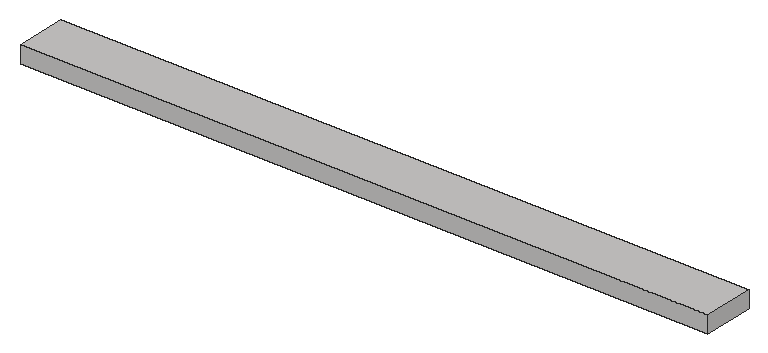
Revit family "NLRS_28_SFR_RECT", category Structural Framing, Revit 2020
Family settings
  Section Shape = Not Defined
  Material for Model Behavior = Steel
  Always export as geometry = No
  Always vertical = Yes
  Cut with Voids When Loaded = No
  Symbolic Representation = From Project Settings
  Shared = No
  Show family pre-cut in plan views = Yes
Parameters (values of type "S90/30")
  vz = 0.5 * d  # 15 mm
  vy = 0.5 * bf  # 45 mm
  vpz = vz  # 15 mm
  vpy = vy  # 45 mm
  lengte [instance] = 1219.2 mm
  W = 21.20 kg/m
  Structural Material [instance] = none
  REX.Content.Identity = "qgF2ZXI9MjtzaWduYXR1cmU9MjtsYW5nPWVuLVVTO2RiPXRzbmxwcm87bmFtZTI9U1RSSVA5MCozMDtuYW1lMT1SRUNUO05BTUUxPVNUUklQOTAqMzA7ZGltMT05MDtkaW0yPTA7ZGltMz0zMDtjb2RlPTQzO05hbWVzPVN5c3RlbS5Db2xsZWN0aW9ucy5HZW5lcmljLkxpc3RgMVtTeXN0ZW0uU3RyaW5nXQ=="
  Iz = 182.25 cm4
  Iy = 20.25 cm4
  Ix = 64.15 cm4
  Assembly Code = "2B(28.1)"
  Length [instance] = 1500 mm
  bf = 90 mm
  d = 30 mm
  A = d * bf  # 27.0 cm²
Reference planes
  plane 1 "Center (Front/Back)": y = 0
  plane 2: z = 0
  plane 3 "Center (Left/Right)": x = 4.61
  plane 4 "Member Left": x = -604.99
  plane 5 "Member Right": x = 614.21
  plane 6: y = 45
  plane 7: y = -45
  plane 8 "Top": z = 15
  plane 9: z = -15
  plane 10 "Right": x = 766.61
  plane 11 "Left": x = -733.39
Forms (mm)
  Sweep 1, solid, material <- "Structural Material", detail levels fine
    path origin (0, 27.5, 0) x (1, 0, 0) y (0, 1, 0)
      loop
        line (614.21, -27.5) -> (-604.99, -27.5)
    profile "RECS-Profile-Medium : RECS-Profile-Medium" origin (4.61, 0, 0) x (0, -1, 0) y (0, 0, 1)
      loop
        line (-45, 15) -> (-45, -15) -> (45, -15) -> (45, 15) -> (-45, 15)
  Sweep 2, solid, material <- "Structural Material", detail levels medium+fine
    path origin (0, 27.5, 0) x (1, 0, 0) y (0, 1, 0)
      loop
        line (614.21, -27.5) -> (-604.99, -27.5)
    profile "RECS-Profile-Medium : RECS-Profile-Medium" origin (4.61, 0, 0) x (0, -1, 0) y (0, 0, 1)
      loop
        line (-45, 15) -> (-45, -15) -> (45, -15) -> (45, 15) -> (-45, 15)
Lines and regions (mm)
  symbolic lines, style "Hidden Faces", detail levels medium+fine
    curve 1: line (614.21, -45, 0) -> (-604.99, -45, 0)
    curve 2: line (614.21, 45, 0) -> (-604.99, 45, 0)
  symbolic lines, style "Stick Symbols", detail levels coarse
    curve 3: line (4.61, -45, -15) -> (4.61, -45, 15)
    curve 4: line (4.61, -45, 15) -> (4.61, 45, 15)
    curve 5: line (4.61, 45, 15) -> (4.61, 45, -15)
    curve 6: line (4.61, 45, -15) -> (4.61, -45, -15)
Dimensions and locks
  "bf": plane 6 to plane 7
  "d": plane 9 to plane 8 "Top"
  "Length": plane 11 "Left" to plane 10 "Right"
  "vy": plane 1 "Center (Front/Back)" to plane 7
  "vz": plane 8 "Top" to plane 2
  "lengte": plane 4 "Member Left" to plane 5 "Member Right"
  aligned and locked: Sweep 1 sketch curve to plane 1 "Center (Front/Back)"
  aligned and locked: Sweep 2 sketch curve to plane 1 "Center (Front/Back)"
  aligned and locked: plane 2 to level
  aligned and locked: curve 4 to plane 8 "Top"
  aligned and locked: plane 6 to curve 5
  aligned and locked: plane 9 to curve 6
  aligned and locked: curve 2 to Sweep 2
  aligned and locked: curve 1 to Sweep 2
  aligned and locked: plane 4 "Member Left" to Sweep 1 sketch curve
  aligned and locked: plane 5 "Member Right" to Sweep 1 sketch curve
  aligned and locked: plane 4 "Member Left" to Sweep 2 sketch curve
  aligned and locked: plane 5 "Member Right" to Sweep 2 sketch curve
  aligned and locked: plane 4 "Member Left" to curve 1
  aligned and locked: plane 5 "Member Right" to curve 1
  aligned and locked: plane 4 "Member Left" to curve 2
  aligned and locked: plane 5 "Member Right" to curve 2
Automatic sketch dimensions
  curve 6 to plane 7 = 0 mm
  plane 8 "Top" to curve 5 = 0 mm
Types (94, lengths in mm): name | vz | vy | vpz | vpy | W | REX.Content.Identity | Iz | Iy | Ix | bf | d | A
  S90/30 | 15 | 45 | 15 | 45 | 21.20 kg/m | "qgF2ZXI9MjtzaWduYXR1cmU9MjtsYW5nPWVuLVVTO2RiPXRzbmxwcm87bmFtZTI9U1RSSVA5MCozMDtuYW1lMT1SRUNUO05BTUUxPVNUUklQOTAqMzA7ZGltMT05MDtkaW0yPTA7ZGltMz0zMDtjb2RlPTQzO05hbWVzPVN5c3RlbS5Db2xsZWN0aW9ucy5HZW5lcmljLkxpc3RgMVtTeXN0ZW0uU3RyaW5nXQ==" | 182.25 cm4 | 20.25 cm4 | 64.15 cm4 | 90 | 30 | 27.0 cm²
  S90/25 | 12.5 | 45 | 12.5 | 45 | 17.66 kg/m | "qgF2ZXI9MjtzaWduYXR1cmU9MjtsYW5nPWVuLVVTO2RiPXRzbmxwcm87bmFtZTI9U1RSSVA5MCoyNTtuYW1lMT1SRUNUO05BTUUxPVNUUklQOTAqMjU7ZGltMT05MDtkaW0yPTA7ZGltMz0yNTtjb2RlPTQzO05hbWVzPVN5c3RlbS5Db2xsZWN0aW9ucy5HZW5lcmljLkxpc3RgMVtTeXN0ZW0uU3RyaW5nXQ==" | 151.88 cm4 | 11.72 cm4 | 38.72 cm4 | 90 | 25 | 22.5 cm²
  S90/20 | 10 | 45 | 10 | 45 | 14.13 kg/m | "qgF2ZXI9MjtzaWduYXR1cmU9MjtsYW5nPWVuLVVTO2RiPXRzbmxwcm87bmFtZTI9U1RSSVA5MCoyMDtuYW1lMT1SRUNUO05BTUUxPVNUUklQOTAqMjA7ZGltMT05MDtkaW0yPTA7ZGltMz0yMDtjb2RlPTQzO05hbWVzPVN5c3RlbS5Db2xsZWN0aW9ucy5HZW5lcmljLkxpc3RgMVtTeXN0ZW0uU3RyaW5nXQ==" | 121.50 cm4 | 6.00 cm4 | 20.65 cm4 | 90 | 20 | 18.0 cm²
  S90/15 | 7.5 | 45 | 7.5 | 45 | 10.60 kg/m | "qgF2ZXI9MjtzaWduYXR1cmU9MjtsYW5nPWVuLVVTO2RiPXRzbmxwcm87bmFtZTI9U1RSSVA5MCoxNTtuYW1lMT1SRUNUO05BTUUxPVNUUklQOTAqMTU7ZGltMT05MDtkaW0yPTA7ZGltMz0xNTtjb2RlPTQzO05hbWVzPVN5c3RlbS5Db2xsZWN0aW9ucy5HZW5lcmljLkxpc3RgMVtTeXN0ZW0uU3RyaW5nXQ==" | 91.13 cm4 | 2.53 cm4 | 9.06 cm4 | 90 | 15 | 13.5 cm²
  S90/12 | 6 | 45 | 6 | 45 | 8.48 kg/m | "qgF2ZXI9MjtzaWduYXR1cmU9MjtsYW5nPWVuLVVTO2RiPXRzbmxwcm87bmFtZTI9U1RSSVA5MCoxMjtuYW1lMT1SRUNUO05BTUUxPVNUUklQOTAqMTI7ZGltMT05MDtkaW0yPTA7ZGltMz0xMjtjb2RlPTQzO05hbWVzPVN5c3RlbS5Db2xsZWN0aW9ucy5HZW5lcmljLkxpc3RgMVtTeXN0ZW0uU3RyaW5nXQ==" | 72.90 cm4 | 1.30 cm4 | 4.75 cm4 | 90 | 12 | 10.8 cm²
  S90/10 | 5 | 45 | 5 | 45 | 7.07 kg/m | "qgF2ZXI9MjtzaWduYXR1cmU9MjtsYW5nPWVuLVVTO2RiPXRzbmxwcm87bmFtZTI9U1RSSVA5MCoxMDtuYW1lMT1SRUNUO05BTUUxPVNUUklQOTAqMTA7ZGltMT05MDtkaW0yPTA7ZGltMz0xMDtjb2RlPTQzO05hbWVzPVN5c3RlbS5Db2xsZWN0aW9ucy5HZW5lcmljLkxpc3RgMVtTeXN0ZW0uU3RyaW5nXQ==" | 60.75 cm4 | 0.75 cm4 | 2.79 cm4 | 90 | 10 | 9.0 cm²
  S80/8 | 4 | 40 | 4 | 40 | 5.02 kg/m | "pwF2ZXI9MjtzaWduYXR1cmU9MjtsYW5nPWVuLVVTO2RiPXRzbmxwcm87bmFtZTI9U1RSSVA4MCo4O25hbWUxPVJFQ1Q7TkFNRTE9U1RSSVA4MCo4O2RpbTE9ODA7ZGltMj0wO2RpbTM9ODtjb2RlPTQzO05hbWVzPVN5c3RlbS5Db2xsZWN0aW9ucy5HZW5lcmljLkxpc3RgMVtTeXN0ZW0uU3RyaW5nXQ==" | 34.13 cm4 | 0.34 cm4 | 1.28 cm4 | 80 | 8 | 6.4 cm²
  S80/25 | 12.5 | 40 | 12.5 | 40 | 15.70 kg/m | "qgF2ZXI9MjtzaWduYXR1cmU9MjtsYW5nPWVuLVVTO2RiPXRzbmxwcm87bmFtZTI9U1RSSVA4MCoyNTtuYW1lMT1SRUNUO05BTUUxPVNUUklQODAqMjU7ZGltMT04MDtkaW0yPTA7ZGltMz0yNTtjb2RlPTQzO05hbWVzPVN5c3RlbS5Db2xsZWN0aW9ucy5HZW5lcmljLkxpc3RgMVtTeXN0ZW0uU3RyaW5nXQ==" | 106.67 cm4 | 10.42 cm4 | 33.53 cm4 | 80 | 25 | 20.0 cm²
  S80/20 | 10 | 40 | 10 | 40 | 12.56 kg/m | "qgF2ZXI9MjtzaWduYXR1cmU9MjtsYW5nPWVuLVVTO2RiPXRzbmxwcm87bmFtZTI9U1RSSVA4MCoyMDtuYW1lMT1SRUNUO05BTUUxPVNUUklQODAqMjA7ZGltMT04MDtkaW0yPTA7ZGltMz0yMDtjb2RlPTQzO05hbWVzPVN5c3RlbS5Db2xsZWN0aW9ucy5HZW5lcmljLkxpc3RgMVtTeXN0ZW0uU3RyaW5nXQ==" | 85.33 cm4 | 5.33 cm4 | 17.99 cm4 | 80 | 20 | 16.0 cm²
  S80/15 | 7.5 | 40 | 7.5 | 40 | 9.42 kg/m | "qgF2ZXI9MjtzaWduYXR1cmU9MjtsYW5nPWVuLVVTO2RiPXRzbmxwcm87bmFtZTI9U1RSSVA4MCoxNTtuYW1lMT1SRUNUO05BTUUxPVNUUklQODAqMTU7ZGltMT04MDtkaW0yPTA7ZGltMz0xNTtjb2RlPTQzO05hbWVzPVN5c3RlbS5Db2xsZWN0aW9ucy5HZW5lcmljLkxpc3RgMVtTeXN0ZW0uU3RyaW5nXQ==" | 64.00 cm4 | 2.25 cm4 | 7.94 cm4 | 80 | 15 | 12.0 cm²
  S80/12 | 6 | 40 | 6 | 40 | 7.54 kg/m | "qgF2ZXI9MjtzaWduYXR1cmU9MjtsYW5nPWVuLVVTO2RiPXRzbmxwcm87bmFtZTI9U1RSSVA4MCoxMjtuYW1lMT1SRUNUO05BTUUxPVNUUklQODAqMTI7ZGltMT04MDtkaW0yPTA7ZGltMz0xMjtjb2RlPTQzO05hbWVzPVN5c3RlbS5Db2xsZWN0aW9ucy5HZW5lcmljLkxpc3RgMVtTeXN0ZW0uU3RyaW5nXQ==" | 51.20 cm4 | 1.15 cm4 | 4.17 cm4 | 80 | 12 | 9.6 cm²
  S80/10 | 5 | 40 | 5 | 40 | 6.28 kg/m | "qgF2ZXI9MjtzaWduYXR1cmU9MjtsYW5nPWVuLVVTO2RiPXRzbmxwcm87bmFtZTI9U1RSSVA4MCoxMDtuYW1lMT1SRUNUO05BTUUxPVNUUklQODAqMTA7ZGltMT04MDtkaW0yPTA7ZGltMz0xMDtjb2RlPTQzO05hbWVzPVN5c3RlbS5Db2xsZWN0aW9ucy5HZW5lcmljLkxpc3RgMVtTeXN0ZW0uU3RyaW5nXQ==" | 42.67 cm4 | 0.67 cm4 | 2.46 cm4 | 80 | 10 | 8.0 cm²
  S75/8 | 4 | 37.5 | 4 | 37.5 | 4.71 kg/m | "pwF2ZXI9MjtzaWduYXR1cmU9MjtsYW5nPWVuLVVTO2RiPXRzbmxwcm87bmFtZTI9U1RSSVA3NSo4O25hbWUxPVJFQ1Q7TkFNRTE9U1RSSVA3NSo4O2RpbTE9NzU7ZGltMj0wO2RpbTM9ODtjb2RlPTQzO05hbWVzPVN5c3RlbS5Db2xsZWN0aW9ucy5HZW5lcmljLkxpc3RgMVtTeXN0ZW0uU3RyaW5nXQ==" | 28.13 cm4 | 0.32 cm4 | 1.19 cm4 | 75 | 8 | 6.0 cm²
  S75/25 | 12.5 | 37.5 | 12.5 | 37.5 | 14.72 kg/m | "qgF2ZXI9MjtzaWduYXR1cmU9MjtsYW5nPWVuLVVTO2RiPXRzbmxwcm87bmFtZTI9U1RSSVA3NSoyNTtuYW1lMT1SRUNUO05BTUUxPVNUUklQNzUqMjU7ZGltMT03NTtkaW0yPTA7ZGltMz0yNTtjb2RlPTQzO05hbWVzPVN5c3RlbS5Db2xsZWN0aW9ucy5HZW5lcmljLkxpc3RgMVtTeXN0ZW0uU3RyaW5nXQ==" | 87.89 cm4 | 9.77 cm4 | 30.94 cm4 | 75 | 25 | 18.75 cm²
  S75/20 | 10 | 37.5 | 10 | 37.5 | 11.78 kg/m | "qgF2ZXI9MjtzaWduYXR1cmU9MjtsYW5nPWVuLVVTO2RiPXRzbmxwcm87bmFtZTI9U1RSSVA3NSoyMDtuYW1lMT1SRUNUO05BTUUxPVNUUklQNzUqMjA7ZGltMT03NTtkaW0yPTA7ZGltMz0yMDtjb2RlPTQzO05hbWVzPVN5c3RlbS5Db2xsZWN0aW9ucy5HZW5lcmljLkxpc3RgMVtTeXN0ZW0uU3RyaW5nXQ==" | 70.31 cm4 | 5.00 cm4 | 16.66 cm4 | 75 | 20 | 15.0 cm²
  S75/15 | 7.5 | 37.5 | 7.5 | 37.5 | 8.83 kg/m | "qgF2ZXI9MjtzaWduYXR1cmU9MjtsYW5nPWVuLVVTO2RiPXRzbmxwcm87bmFtZTI9U1RSSVA3NSoxNTtuYW1lMT1SRUNUO05BTUUxPVNUUklQNzUqMTU7ZGltMT03NTtkaW0yPTA7ZGltMz0xNTtjb2RlPTQzO05hbWVzPVN5c3RlbS5Db2xsZWN0aW9ucy5HZW5lcmljLkxpc3RgMVtTeXN0ZW0uU3RyaW5nXQ==" | 52.73 cm4 | 2.11 cm4 | 7.38 cm4 | 75 | 15 | 11.25 cm²
  S75/12 | 6 | 37.5 | 6 | 37.5 | 7.07 kg/m | "qgF2ZXI9MjtzaWduYXR1cmU9MjtsYW5nPWVuLVVTO2RiPXRzbmxwcm87bmFtZTI9U1RSSVA3NSoxMjtuYW1lMT1SRUNUO05BTUUxPVNUUklQNzUqMTI7ZGltMT03NTtkaW0yPTA7ZGltMz0xMjtjb2RlPTQzO05hbWVzPVN5c3RlbS5Db2xsZWN0aW9ucy5HZW5lcmljLkxpc3RgMVtTeXN0ZW0uU3RyaW5nXQ==" | 42.19 cm4 | 1.08 cm4 | 3.89 cm4 | 75 | 12 | 9.0 cm²
  S75/10 | 5 | 37.5 | 5 | 37.5 | 5.89 kg/m | "qgF2ZXI9MjtzaWduYXR1cmU9MjtsYW5nPWVuLVVTO2RiPXRzbmxwcm87bmFtZTI9U1RSSVA3NSoxMDtuYW1lMT1SRUNUO05BTUUxPVNUUklQNzUqMTA7ZGltMT03NTtkaW0yPTA7ZGltMz0xMDtjb2RlPTQzO05hbWVzPVN5c3RlbS5Db2xsZWN0aW9ucy5HZW5lcmljLkxpc3RgMVtTeXN0ZW0uU3RyaW5nXQ==" | 35.16 cm4 | 0.63 cm4 | 2.29 cm4 | 75 | 10 | 7.5 cm²
  S70/8 | 4 | 35 | 4 | 35 | 4.40 kg/m | "pwF2ZXI9MjtzaWduYXR1cmU9MjtsYW5nPWVuLVVTO2RiPXRzbmxwcm87bmFtZTI9U1RSSVA3MCo4O25hbWUxPVJFQ1Q7TkFNRTE9U1RSSVA3MCo4O2RpbTE9NzA7ZGltMj0wO2RpbTM9ODtjb2RlPTQzO05hbWVzPVN5c3RlbS5Db2xsZWN0aW9ucy5HZW5lcmljLkxpc3RgMVtTeXN0ZW0uU3RyaW5nXQ==" | 22.87 cm4 | 0.30 cm4 | 1.11 cm4 | 70 | 8 | 5.6 cm²
  S70/20 | 10 | 35 | 10 | 35 | 10.99 kg/m | "qgF2ZXI9MjtzaWduYXR1cmU9MjtsYW5nPWVuLVVTO2RiPXRzbmxwcm87bmFtZTI9U1RSSVA3MCoyMDtuYW1lMT1SRUNUO05BTUUxPVNUUklQNzAqMjA7ZGltMT03MDtkaW0yPTA7ZGltMz0yMDtjb2RlPTQzO05hbWVzPVN5c3RlbS5Db2xsZWN0aW9ucy5HZW5lcmljLkxpc3RgMVtTeXN0ZW0uU3RyaW5nXQ==" | 57.17 cm4 | 4.67 cm4 | 15.33 cm4 | 70 | 20 | 14.0 cm²
  S70/15 | 7.5 | 35 | 7.5 | 35 | 8.24 kg/m | "qgF2ZXI9MjtzaWduYXR1cmU9MjtsYW5nPWVuLVVTO2RiPXRzbmxwcm87bmFtZTI9U1RSSVA3MCoxNTtuYW1lMT1SRUNUO05BTUUxPVNUUklQNzAqMTU7ZGltMT03MDtkaW0yPTA7ZGltMz0xNTtjb2RlPTQzO05hbWVzPVN5c3RlbS5Db2xsZWN0aW9ucy5HZW5lcmljLkxpc3RgMVtTeXN0ZW0uU3RyaW5nXQ==" | 42.88 cm4 | 1.97 cm4 | 6.82 cm4 | 70 | 15 | 10.5 cm²
  S70/12 | 6 | 35 | 6 | 35 | 6.59 kg/m | "qgF2ZXI9MjtzaWduYXR1cmU9MjtsYW5nPWVuLVVTO2RiPXRzbmxwcm87bmFtZTI9U1RSSVA3MCoxMjtuYW1lMT1SRUNUO05BTUUxPVNUUklQNzAqMTI7ZGltMT03MDtkaW0yPTA7ZGltMz0xMjtjb2RlPTQzO05hbWVzPVN5c3RlbS5Db2xsZWN0aW9ucy5HZW5lcmljLkxpc3RgMVtTeXN0ZW0uU3RyaW5nXQ==" | 34.30 cm4 | 1.01 cm4 | 3.60 cm4 | 70 | 12 | 8.4 cm²
  S70/10 | 5 | 35 | 5 | 35 | 5.50 kg/m | "qgF2ZXI9MjtzaWduYXR1cmU9MjtsYW5nPWVuLVVTO2RiPXRzbmxwcm87bmFtZTI9U1RSSVA3MCoxMDtuYW1lMT1SRUNUO05BTUUxPVNUUklQNzAqMTA7ZGltMT03MDtkaW0yPTA7ZGltMz0xMDtjb2RlPTQzO05hbWVzPVN5c3RlbS5Db2xsZWN0aW9ucy5HZW5lcmljLkxpc3RgMVtTeXN0ZW0uU3RyaW5nXQ==" | 28.58 cm4 | 0.58 cm4 | 2.12 cm4 | 70 | 10 | 7.0 cm²
  S65/8 | 4 | 32.5 | 4 | 32.5 | 4.08 kg/m | "pwF2ZXI9MjtzaWduYXR1cmU9MjtsYW5nPWVuLVVTO2RiPXRzbmxwcm87bmFtZTI9U1RSSVA2NSo4O25hbWUxPVJFQ1Q7TkFNRTE9U1RSSVA2NSo4O2RpbTE9NjU7ZGltMj0wO2RpbTM9ODtjb2RlPTQzO05hbWVzPVN5c3RlbS5Db2xsZWN0aW9ucy5HZW5lcmljLkxpc3RgMVtTeXN0ZW0uU3RyaW5nXQ==" | 18.31 cm4 | 0.28 cm4 | 1.02 cm4 | 65 | 8 | 5.2 cm²
  S65/20 | 10 | 32.5 | 10 | 32.5 | 10.21 kg/m | "qgF2ZXI9MjtzaWduYXR1cmU9MjtsYW5nPWVuLVVTO2RiPXRzbmxwcm87bmFtZTI9U1RSSVA2NSoyMDtuYW1lMT1SRUNUO05BTUUxPVNUUklQNjUqMjA7ZGltMT02NTtkaW0yPTA7ZGltMz0yMDtjb2RlPTQzO05hbWVzPVN5c3RlbS5Db2xsZWN0aW9ucy5HZW5lcmljLkxpc3RgMVtTeXN0ZW0uU3RyaW5nXQ==" | 45.77 cm4 | 4.33 cm4 | 14.00 cm4 | 65 | 20 | 13.0 cm²
  S65/15 | 7.5 | 32.5 | 7.5 | 32.5 | 7.65 kg/m | "qgF2ZXI9MjtzaWduYXR1cmU9MjtsYW5nPWVuLVVTO2RiPXRzbmxwcm87bmFtZTI9U1RSSVA2NSoxNTtuYW1lMT1SRUNUO05BTUUxPVNUUklQNjUqMTU7ZGltMT02NTtkaW0yPTA7ZGltMz0xNTtjb2RlPTQzO05hbWVzPVN5c3RlbS5Db2xsZWN0aW9ucy5HZW5lcmljLkxpc3RgMVtTeXN0ZW0uU3RyaW5nXQ==" | 34.33 cm4 | 1.83 cm4 | 6.25 cm4 | 65 | 15 | 9.75 cm²
  S65/12 | 6 | 32.5 | 6 | 32.5 | 6.12 kg/m | "qgF2ZXI9MjtzaWduYXR1cmU9MjtsYW5nPWVuLVVTO2RiPXRzbmxwcm87bmFtZTI9U1RSSVA2NSoxMjtuYW1lMT1SRUNUO05BTUUxPVNUUklQNjUqMTI7ZGltMT02NTtkaW0yPTA7ZGltMz0xMjtjb2RlPTQzO05hbWVzPVN5c3RlbS5Db2xsZWN0aW9ucy5HZW5lcmljLkxpc3RgMVtTeXN0ZW0uU3RyaW5nXQ==" | 27.46 cm4 | 0.94 cm4 | 3.31 cm4 | 65 | 12 | 7.8 cm²
  S65/10 | 5 | 32.5 | 5 | 32.5 | 5.10 kg/m | "qgF2ZXI9MjtzaWduYXR1cmU9MjtsYW5nPWVuLVVTO2RiPXRzbmxwcm87bmFtZTI9U1RSSVA2NSoxMDtuYW1lMT1SRUNUO05BTUUxPVNUUklQNjUqMTA7ZGltMT02NTtkaW0yPTA7ZGltMz0xMDtjb2RlPTQzO05hbWVzPVN5c3RlbS5Db2xsZWN0aW9ucy5HZW5lcmljLkxpc3RgMVtTeXN0ZW0uU3RyaW5nXQ==" | 22.89 cm4 | 0.54 cm4 | 1.96 cm4 | 65 | 10 | 6.5 cm²
  S60/8 | 4 | 30 | 4 | 30 | 3.77 kg/m | "pwF2ZXI9MjtzaWduYXR1cmU9MjtsYW5nPWVuLVVTO2RiPXRzbmxwcm87bmFtZTI9U1RSSVA2MCo4O25hbWUxPVJFQ1Q7TkFNRTE9U1RSSVA2MCo4O2RpbTE9NjA7ZGltMj0wO2RpbTM9ODtjb2RlPTQzO05hbWVzPVN5c3RlbS5Db2xsZWN0aW9ucy5HZW5lcmljLkxpc3RgMVtTeXN0ZW0uU3RyaW5nXQ==" | 14.40 cm4 | 0.26 cm4 | 0.94 cm4 | 60 | 8 | 4.8 cm²
  S60/6 | 3 | 30 | 3 | 30 | 2.83 kg/m | "pwF2ZXI9MjtzaWduYXR1cmU9MjtsYW5nPWVuLVVTO2RiPXRzbmxwcm87bmFtZTI9U1RSSVA2MCo2O25hbWUxPVJFQ1Q7TkFNRTE9U1RSSVA2MCo2O2RpbTE9NjA7ZGltMj0wO2RpbTM9Njtjb2RlPTQzO05hbWVzPVN5c3RlbS5Db2xsZWN0aW9ucy5HZW5lcmljLkxpc3RgMVtTeXN0ZW0uU3RyaW5nXQ==" | 10.80 cm4 | 0.11 cm4 | 0.40 cm4 | 60 | 6 | 3.6 cm²
  S60/20 | 10 | 30 | 10 | 30 | 9.42 kg/m | "qgF2ZXI9MjtzaWduYXR1cmU9MjtsYW5nPWVuLVVTO2RiPXRzbmxwcm87bmFtZTI9U1RSSVA2MCoyMDtuYW1lMT1SRUNUO05BTUUxPVNUUklQNjAqMjA7ZGltMT02MDtkaW0yPTA7ZGltMz0yMDtjb2RlPTQzO05hbWVzPVN5c3RlbS5Db2xsZWN0aW9ucy5HZW5lcmljLkxpc3RgMVtTeXN0ZW0uU3RyaW5nXQ==" | 36.00 cm4 | 4.00 cm4 | 12.67 cm4 | 60 | 20 | 12.0 cm²
  S60/15 | 7.5 | 30 | 7.5 | 30 | 7.07 kg/m | "qgF2ZXI9MjtzaWduYXR1cmU9MjtsYW5nPWVuLVVTO2RiPXRzbmxwcm87bmFtZTI9U1RSSVA2MCoxNTtuYW1lMT1SRUNUO05BTUUxPVNUUklQNjAqMTU7ZGltMT02MDtkaW0yPTA7ZGltMz0xNTtjb2RlPTQzO05hbWVzPVN5c3RlbS5Db2xsZWN0aW9ucy5HZW5lcmljLkxpc3RgMVtTeXN0ZW0uU3RyaW5nXQ==" | 27.00 cm4 | 1.69 cm4 | 5.69 cm4 | 60 | 15 | 9.0 cm²
  S60/12 | 6 | 30 | 6 | 30 | 5.65 kg/m | "qgF2ZXI9MjtzaWduYXR1cmU9MjtsYW5nPWVuLVVTO2RiPXRzbmxwcm87bmFtZTI9U1RSSVA2MCoxMjtuYW1lMT1SRUNUO05BTUUxPVNUUklQNjAqMTI7ZGltMT02MDtkaW0yPTA7ZGltMz0xMjtjb2RlPTQzO05hbWVzPVN5c3RlbS5Db2xsZWN0aW9ucy5HZW5lcmljLkxpc3RgMVtTeXN0ZW0uU3RyaW5nXQ==" | 21.60 cm4 | 0.86 cm4 | 3.02 cm4 | 60 | 12 | 7.2 cm²
  S60/10 | 5 | 30 | 5 | 30 | 4.71 kg/m | "qgF2ZXI9MjtzaWduYXR1cmU9MjtsYW5nPWVuLVVTO2RiPXRzbmxwcm87bmFtZTI9U1RSSVA2MCoxMDtuYW1lMT1SRUNUO05BTUUxPVNUUklQNjAqMTA7ZGltMT02MDtkaW0yPTA7ZGltMz0xMDtjb2RlPTQzO05hbWVzPVN5c3RlbS5Db2xsZWN0aW9ucy5HZW5lcmljLkxpc3RgMVtTeXN0ZW0uU3RyaW5nXQ==" | 18.00 cm4 | 0.50 cm4 | 1.79 cm4 | 60 | 10 | 6.0 cm²
  S55/8 | 4 | 27.5 | 4 | 27.5 | 3.45 kg/m | "pwF2ZXI9MjtzaWduYXR1cmU9MjtsYW5nPWVuLVVTO2RiPXRzbmxwcm87bmFtZTI9U1RSSVA1NSo4O25hbWUxPVJFQ1Q7TkFNRTE9U1RSSVA1NSo4O2RpbTE9NTU7ZGltMj0wO2RpbTM9ODtjb2RlPTQzO05hbWVzPVN5c3RlbS5Db2xsZWN0aW9ucy5HZW5lcmljLkxpc3RgMVtTeXN0ZW0uU3RyaW5nXQ==" | 11.09 cm4 | 0.23 cm4 | 0.85 cm4 | 55 | 8 | 4.4 cm²
  S55/6 | 3 | 27.5 | 3 | 27.5 | 2.59 kg/m | "pwF2ZXI9MjtzaWduYXR1cmU9MjtsYW5nPWVuLVVTO2RiPXRzbmxwcm87bmFtZTI9U1RSSVA1NSo2O25hbWUxPVJFQ1Q7TkFNRTE9U1RSSVA1NSo2O2RpbTE9NTU7ZGltMj0wO2RpbTM9Njtjb2RlPTQzO05hbWVzPVN5c3RlbS5Db2xsZWN0aW9ucy5HZW5lcmljLkxpc3RgMVtTeXN0ZW0uU3RyaW5nXQ==" | 8.32 cm4 | 0.10 cm4 | 0.37 cm4 | 55 | 6 | 3.3 cm²
  S55/15 | 7.5 | 27.5 | 7.5 | 27.5 | 6.48 kg/m | "qgF2ZXI9MjtzaWduYXR1cmU9MjtsYW5nPWVuLVVTO2RiPXRzbmxwcm87bmFtZTI9U1RSSVA1NSoxNTtuYW1lMT1SRUNUO05BTUUxPVNUUklQNTUqMTU7ZGltMT01NTtkaW0yPTA7ZGltMz0xNTtjb2RlPTQzO05hbWVzPVN5c3RlbS5Db2xsZWN0aW9ucy5HZW5lcmljLkxpc3RgMVtTeXN0ZW0uU3RyaW5nXQ==" | 20.80 cm4 | 1.55 cm4 | 5.13 cm4 | 55 | 15 | 8.25 cm²
  S55/12 | 6 | 27.5 | 6 | 27.5 | 5.18 kg/m | "qgF2ZXI9MjtzaWduYXR1cmU9MjtsYW5nPWVuLVVTO2RiPXRzbmxwcm87bmFtZTI9U1RSSVA1NSoxMjtuYW1lMT1SRUNUO05BTUUxPVNUUklQNTUqMTI7ZGltMT01NTtkaW0yPTA7ZGltMz0xMjtjb2RlPTQzO05hbWVzPVN5c3RlbS5Db2xsZWN0aW9ucy5HZW5lcmljLkxpc3RgMVtTeXN0ZW0uU3RyaW5nXQ==" | 16.64 cm4 | 0.79 cm4 | 2.73 cm4 | 55 | 12 | 6.6 cm²
  S55/10 | 5 | 27.5 | 5 | 27.5 | 4.32 kg/m | "qgF2ZXI9MjtzaWduYXR1cmU9MjtsYW5nPWVuLVVTO2RiPXRzbmxwcm87bmFtZTI9U1RSSVA1NSoxMDtuYW1lMT1SRUNUO05BTUUxPVNUUklQNTUqMTA7ZGltMT01NTtkaW0yPTA7ZGltMz0xMDtjb2RlPTQzO05hbWVzPVN5c3RlbS5Db2xsZWN0aW9ucy5HZW5lcmljLkxpc3RgMVtTeXN0ZW0uU3RyaW5nXQ==" | 13.86 cm4 | 0.46 cm4 | 1.62 cm4 | 55 | 10 | 5.5 cm²
  S50/8 | 4 | 25 | 4 | 25 | 3.14 kg/m | "pwF2ZXI9MjtzaWduYXR1cmU9MjtsYW5nPWVuLVVTO2RiPXRzbmxwcm87bmFtZTI9U1RSSVA1MCo4O25hbWUxPVJFQ1Q7TkFNRTE9U1RSSVA1MCo4O2RpbTE9NTA7ZGltMj0wO2RpbTM9ODtjb2RlPTQzO05hbWVzPVN5c3RlbS5Db2xsZWN0aW9ucy5HZW5lcmljLkxpc3RgMVtTeXN0ZW0uU3RyaW5nXQ==" | 8.33 cm4 | 0.21 cm4 | 0.77 cm4 | 50 | 8 | 4.0 cm²
  S50/6 | 3 | 25 | 3 | 25 | 2.36 kg/m | "pwF2ZXI9MjtzaWduYXR1cmU9MjtsYW5nPWVuLVVTO2RiPXRzbmxwcm87bmFtZTI9U1RSSVA1MCo2O25hbWUxPVJFQ1Q7TkFNRTE9U1RSSVA1MCo2O2RpbTE9NTA7ZGltMj0wO2RpbTM9Njtjb2RlPTQzO05hbWVzPVN5c3RlbS5Db2xsZWN0aW9ucy5HZW5lcmljLkxpc3RgMVtTeXN0ZW0uU3RyaW5nXQ==" | 6.25 cm4 | 0.09 cm4 | 0.33 cm4 | 50 | 6 | 3.0 cm²
  S50/15 | 7.5 | 25 | 7.5 | 25 | 5.89 kg/m | "qgF2ZXI9MjtzaWduYXR1cmU9MjtsYW5nPWVuLVVTO2RiPXRzbmxwcm87bmFtZTI9U1RSSVA1MCoxNTtuYW1lMT1SRUNUO05BTUUxPVNUUklQNTAqMTU7ZGltMT01MDtkaW0yPTA7ZGltMz0xNTtjb2RlPTQzO05hbWVzPVN5c3RlbS5Db2xsZWN0aW9ucy5HZW5lcmljLkxpc3RgMVtTeXN0ZW0uU3RyaW5nXQ==" | 15.63 cm4 | 1.41 cm4 | 4.57 cm4 | 50 | 15 | 7.5 cm²
  S50/12 | 6 | 25 | 6 | 25 | 4.71 kg/m | "qgF2ZXI9MjtzaWduYXR1cmU9MjtsYW5nPWVuLVVTO2RiPXRzbmxwcm87bmFtZTI9U1RSSVA1MCoxMjtuYW1lMT1SRUNUO05BTUUxPVNUUklQNTAqMTI7ZGltMT01MDtkaW0yPTA7ZGltMz0xMjtjb2RlPTQzO05hbWVzPVN5c3RlbS5Db2xsZWN0aW9ucy5HZW5lcmljLkxpc3RgMVtTeXN0ZW0uU3RyaW5nXQ==" | 12.50 cm4 | 0.72 cm4 | 2.45 cm4 | 50 | 12 | 6.0 cm²
  S50/10 | 5 | 25 | 5 | 25 | 3.93 kg/m | "qgF2ZXI9MjtzaWduYXR1cmU9MjtsYW5nPWVuLVVTO2RiPXRzbmxwcm87bmFtZTI9U1RSSVA1MCoxMDtuYW1lMT1SRUNUO05BTUUxPVNUUklQNTAqMTA7ZGltMT01MDtkaW0yPTA7ZGltMz0xMDtjb2RlPTQzO05hbWVzPVN5c3RlbS5Db2xsZWN0aW9ucy5HZW5lcmljLkxpc3RgMVtTeXN0ZW0uU3RyaW5nXQ==" | 10.42 cm4 | 0.42 cm4 | 1.46 cm4 | 50 | 10 | 5.0 cm²
  S45/8 | 4 | 22.5 | 4 | 22.5 | 2.83 kg/m | "pwF2ZXI9MjtzaWduYXR1cmU9MjtsYW5nPWVuLVVTO2RiPXRzbmxwcm87bmFtZTI9U1RSSVA0NSo4O25hbWUxPVJFQ1Q7TkFNRTE9U1RSSVA0NSo4O2RpbTE9NDU7ZGltMj0wO2RpbTM9ODtjb2RlPTQzO05hbWVzPVN5c3RlbS5Db2xsZWN0aW9ucy5HZW5lcmljLkxpc3RgMVtTeXN0ZW0uU3RyaW5nXQ==" | 6.08 cm4 | 0.19 cm4 | 0.68 cm4 | 45 | 8 | 3.6 cm²
  S45/6 | 3 | 22.5 | 3 | 22.5 | 2.12 kg/m | "pwF2ZXI9MjtzaWduYXR1cmU9MjtsYW5nPWVuLVVTO2RiPXRzbmxwcm87bmFtZTI9U1RSSVA0NSo2O25hbWUxPVJFQ1Q7TkFNRTE9U1RSSVA0NSo2O2RpbTE9NDU7ZGltMj0wO2RpbTM9Njtjb2RlPTQzO05hbWVzPVN5c3RlbS5Db2xsZWN0aW9ucy5HZW5lcmljLkxpc3RgMVtTeXN0ZW0uU3RyaW5nXQ==" | 4.56 cm4 | 0.08 cm4 | 0.30 cm4 | 45 | 6 | 2.7 cm²
  S45/15 | 7.5 | 22.5 | 7.5 | 22.5 | 5.30 kg/m | "qgF2ZXI9MjtzaWduYXR1cmU9MjtsYW5nPWVuLVVTO2RiPXRzbmxwcm87bmFtZTI9U1RSSVA0NSoxNTtuYW1lMT1SRUNUO05BTUUxPVNUUklQNDUqMTU7ZGltMT00NTtkaW0yPTA7ZGltMz0xNTtjb2RlPTQzO05hbWVzPVN5c3RlbS5Db2xsZWN0aW9ucy5HZW5lcmljLkxpc3RgMVtTeXN0ZW0uU3RyaW5nXQ==" | 11.39 cm4 | 1.27 cm4 | 4.01 cm4 | 45 | 15 | 6.75 cm²
  S45/12 | 6 | 22.5 | 6 | 22.5 | 4.24 kg/m | "qgF2ZXI9MjtzaWduYXR1cmU9MjtsYW5nPWVuLVVTO2RiPXRzbmxwcm87bmFtZTI9U1RSSVA0NSoxMjtuYW1lMT1SRUNUO05BTUUxPVNUUklQNDUqMTI7ZGltMT00NTtkaW0yPTA7ZGltMz0xMjtjb2RlPTQzO05hbWVzPVN5c3RlbS5Db2xsZWN0aW9ucy5HZW5lcmljLkxpc3RgMVtTeXN0ZW0uU3RyaW5nXQ==" | 9.11 cm4 | 0.65 cm4 | 2.16 cm4 | 45 | 12 | 5.4 cm²
  S45/10 | 5 | 22.5 | 5 | 22.5 | 3.53 kg/m | "qgF2ZXI9MjtzaWduYXR1cmU9MjtsYW5nPWVuLVVTO2RiPXRzbmxwcm87bmFtZTI9U1RSSVA0NSoxMDtuYW1lMT1SRUNUO05BTUUxPVNUUklQNDUqMTA7ZGltMT00NTtkaW0yPTA7ZGltMz0xMDtjb2RlPTQzO05hbWVzPVN5c3RlbS5Db2xsZWN0aW9ucy5HZW5lcmljLkxpc3RgMVtTeXN0ZW0uU3RyaW5nXQ==" | 7.59 cm4 | 0.38 cm4 | 1.29 cm4 | 45 | 10 | 4.5 cm²
  S40/8 | 4 | 20 | 4 | 20 | 2.51 kg/m | "pwF2ZXI9MjtzaWduYXR1cmU9MjtsYW5nPWVuLVVTO2RiPXRzbmxwcm87bmFtZTI9U1RSSVA0MCo4O25hbWUxPVJFQ1Q7TkFNRTE9U1RSSVA0MCo4O2RpbTE9NDA7ZGltMj0wO2RpbTM9ODtjb2RlPTQzO05hbWVzPVN5c3RlbS5Db2xsZWN0aW9ucy5HZW5lcmljLkxpc3RgMVtTeXN0ZW0uU3RyaW5nXQ==" | 4.27 cm4 | 0.17 cm4 | 0.60 cm4 | 40 | 8 | 3.2 cm²
  S40/6 | 3 | 20 | 3 | 20 | 1.88 kg/m | "pwF2ZXI9MjtzaWduYXR1cmU9MjtsYW5nPWVuLVVTO2RiPXRzbmxwcm87bmFtZTI9U1RSSVA0MCo2O25hbWUxPVJFQ1Q7TkFNRTE9U1RSSVA0MCo2O2RpbTE9NDA7ZGltMj0wO2RpbTM9Njtjb2RlPTQzO05hbWVzPVN5c3RlbS5Db2xsZWN0aW9ucy5HZW5lcmljLkxpc3RgMVtTeXN0ZW0uU3RyaW5nXQ==" | 3.20 cm4 | 0.07 cm4 | 0.26 cm4 | 40 | 6 | 2.4 cm²
  S40/12 | 6 | 20 | 6 | 20 | 3.77 kg/m | "qgF2ZXI9MjtzaWduYXR1cmU9MjtsYW5nPWVuLVVTO2RiPXRzbmxwcm87bmFtZTI9U1RSSVA0MCoxMjtuYW1lMT1SRUNUO05BTUUxPVNUUklQNDAqMTI7ZGltMT00MDtkaW0yPTA7ZGltMz0xMjtjb2RlPTQzO05hbWVzPVN5c3RlbS5Db2xsZWN0aW9ucy5HZW5lcmljLkxpc3RgMVtTeXN0ZW0uU3RyaW5nXQ==" | 6.40 cm4 | 0.58 cm4 | 1.87 cm4 | 40 | 12 | 4.8 cm²
  S40/10 | 5 | 20 | 5 | 20 | 3.14 kg/m | "qgF2ZXI9MjtzaWduYXR1cmU9MjtsYW5nPWVuLVVTO2RiPXRzbmxwcm87bmFtZTI9U1RSSVA0MCoxMDtuYW1lMT1SRUNUO05BTUUxPVNUUklQNDAqMTA7ZGltMT00MDtkaW0yPTA7ZGltMz0xMDtjb2RlPTQzO05hbWVzPVN5c3RlbS5Db2xsZWN0aW9ucy5HZW5lcmljLkxpc3RgMVtTeXN0ZW0uU3RyaW5nXQ==" | 5.33 cm4 | 0.33 cm4 | 1.12 cm4 | 40 | 10 | 4.0 cm²
  S35/8 | 4 | 17.5 | 4 | 17.5 | 2.20 kg/m | "pwF2ZXI9MjtzaWduYXR1cmU9MjtsYW5nPWVuLVVTO2RiPXRzbmxwcm87bmFtZTI9U1RSSVAzNSo4O25hbWUxPVJFQ1Q7TkFNRTE9U1RSSVAzNSo4O2RpbTE9MzU7ZGltMj0wO2RpbTM9ODtjb2RlPTQzO05hbWVzPVN5c3RlbS5Db2xsZWN0aW9ucy5HZW5lcmljLkxpc3RgMVtTeXN0ZW0uU3RyaW5nXQ==" | 2.86 cm4 | 0.15 cm4 | 0.51 cm4 | 35 | 8 | 2.8 cm²
  S35/6 | 3 | 17.5 | 3 | 17.5 | 1.65 kg/m | "pwF2ZXI9MjtzaWduYXR1cmU9MjtsYW5nPWVuLVVTO2RiPXRzbmxwcm87bmFtZTI9U1RSSVAzNSo2O25hbWUxPVJFQ1Q7TkFNRTE9U1RSSVAzNSo2O2RpbTE9MzU7ZGltMj0wO2RpbTM9Njtjb2RlPTQzO05hbWVzPVN5c3RlbS5Db2xsZWN0aW9ucy5HZW5lcmljLkxpc3RgMVtTeXN0ZW0uU3RyaW5nXQ==" | 2.14 cm4 | 0.06 cm4 | 0.22 cm4 | 35 | 6 | 2.1 cm²
  S35/10 | 5 | 17.5 | 5 | 17.5 | 2.75 kg/m | "qgF2ZXI9MjtzaWduYXR1cmU9MjtsYW5nPWVuLVVTO2RiPXRzbmxwcm87bmFtZTI9U1RSSVAzNSoxMDtuYW1lMT1SRUNUO05BTUUxPVNUUklQMzUqMTA7ZGltMT0zNTtkaW0yPTA7ZGltMz0xMDtjb2RlPTQzO05hbWVzPVN5c3RlbS5Db2xsZWN0aW9ucy5HZW5lcmljLkxpc3RgMVtTeXN0ZW0uU3RyaW5nXQ==" | 3.57 cm4 | 0.29 cm4 | 0.96 cm4 | 35 | 10 | 3.5 cm²
  S30/8 | 4 | 15 | 4 | 15 | 1.88 kg/m | "pwF2ZXI9MjtzaWduYXR1cmU9MjtsYW5nPWVuLVVTO2RiPXRzbmxwcm87bmFtZTI9U1RSSVAzMCo4O25hbWUxPVJFQ1Q7TkFNRTE9U1RSSVAzMCo4O2RpbTE9MzA7ZGltMj0wO2RpbTM9ODtjb2RlPTQzO05hbWVzPVN5c3RlbS5Db2xsZWN0aW9ucy5HZW5lcmljLkxpc3RgMVtTeXN0ZW0uU3RyaW5nXQ==" | 1.80 cm4 | 0.13 cm4 | 0.43 cm4 | 30 | 8 | 2.4 cm²
  S30/6 | 3 | 15 | 3 | 15 | 1.41 kg/m | "pwF2ZXI9MjtzaWduYXR1cmU9MjtsYW5nPWVuLVVTO2RiPXRzbmxwcm87bmFtZTI9U1RSSVAzMCo2O25hbWUxPVJFQ1Q7TkFNRTE9U1RSSVAzMCo2O2RpbTE9MzA7ZGltMj0wO2RpbTM9Njtjb2RlPTQzO05hbWVzPVN5c3RlbS5Db2xsZWN0aW9ucy5HZW5lcmljLkxpc3RgMVtTeXN0ZW0uU3RyaW5nXQ==" | 1.35 cm4 | 0.05 cm4 | 0.19 cm4 | 30 | 6 | 1.8 cm²
  S30/10 | 5 | 15 | 5 | 15 | 2.36 kg/m | "qgF2ZXI9MjtzaWduYXR1cmU9MjtsYW5nPWVuLVVTO2RiPXRzbmxwcm87bmFtZTI9U1RSSVAzMCoxMDtuYW1lMT1SRUNUO05BTUUxPVNUUklQMzAqMTA7ZGltMT0zMDtkaW0yPTA7ZGltMz0xMDtjb2RlPTQzO05hbWVzPVN5c3RlbS5Db2xsZWN0aW9ucy5HZW5lcmljLkxpc3RgMVtTeXN0ZW0uU3RyaW5nXQ==" | 2.25 cm4 | 0.25 cm4 | 0.79 cm4 | 30 | 10 | 3.0 cm²
  S25/8 | 4 | 12.5 | 4 | 12.5 | 1.57 kg/m | "pwF2ZXI9MjtzaWduYXR1cmU9MjtsYW5nPWVuLVVTO2RiPXRzbmxwcm87bmFtZTI9U1RSSVAyNSo4O25hbWUxPVJFQ1Q7TkFNRTE9U1RSSVAyNSo4O2RpbTE9MjU7ZGltMj0wO2RpbTM9ODtjb2RlPTQzO05hbWVzPVN5c3RlbS5Db2xsZWN0aW9ucy5HZW5lcmljLkxpc3RgMVtTeXN0ZW0uU3RyaW5nXQ==" | 1.04 cm4 | 0.11 cm4 | 0.34 cm4 | 25 | 8 | 2.0 cm²
  S25/6 | 3 | 12.5 | 3 | 12.5 | 1.18 kg/m | "pwF2ZXI9MjtzaWduYXR1cmU9MjtsYW5nPWVuLVVTO2RiPXRzbmxwcm87bmFtZTI9U1RSSVAyNSo2O25hbWUxPVJFQ1Q7TkFNRTE9U1RSSVAyNSo2O2RpbTE9MjU7ZGltMj0wO2RpbTM9Njtjb2RlPTQzO05hbWVzPVN5c3RlbS5Db2xsZWN0aW9ucy5HZW5lcmljLkxpc3RgMVtTeXN0ZW0uU3RyaW5nXQ==" | 0.78 cm4 | 0.05 cm4 | 0.15 cm4 | 25 | 6 | 1.5 cm²
  S20/6 | 3 | 10 | 3 | 10 | 0.94 kg/m | "pwF2ZXI9MjtzaWduYXR1cmU9MjtsYW5nPWVuLVVTO2RiPXRzbmxwcm87bmFtZTI9U1RSSVAyMCo2O25hbWUxPVJFQ1Q7TkFNRTE9U1RSSVAyMCo2O2RpbTE9MjA7ZGltMj0wO2RpbTM9Njtjb2RlPTQzO05hbWVzPVN5c3RlbS5Db2xsZWN0aW9ucy5HZW5lcmljLkxpc3RgMVtTeXN0ZW0uU3RyaW5nXQ==" | 0.40 cm4 | 0.04 cm4 | 0.12 cm4 | 20 | 6 | 1.2 cm²
  S150/40 | 20 | 75 | 20 | 75 | 47.10 kg/m | "rQF2ZXI9MjtzaWduYXR1cmU9MjtsYW5nPWVuLVVTO2RiPXRzbmxwcm87bmFtZTI9U1RSSVAxNTAqNDA7bmFtZTE9UkVDVDtOQU1FMT1TVFJJUDE1MCo0MDtkaW0xPTE1MDtkaW0yPTA7ZGltMz00MDtjb2RlPTQzO05hbWVzPVN5c3RlbS5Db2xsZWN0aW9ucy5HZW5lcmljLkxpc3RgMVtTeXN0ZW0uU3RyaW5nXQ==" | 1125.00 cm4 | 80.00 cm4 | 266.56 cm4 | 150 | 40 | 60.0 cm²
  S150/30 | 15 | 75 | 15 | 75 | 35.33 kg/m | "rQF2ZXI9MjtzaWduYXR1cmU9MjtsYW5nPWVuLVVTO2RiPXRzbmxwcm87bmFtZTI9U1RSSVAxNTAqMzA7bmFtZTE9UkVDVDtOQU1FMT1TVFJJUDE1MCozMDtkaW0xPTE1MDtkaW0yPTA7ZGltMz0zMDtjb2RlPTQzO05hbWVzPVN5c3RlbS5Db2xsZWN0aW9ucy5HZW5lcmljLkxpc3RgMVtTeXN0ZW0uU3RyaW5nXQ==" | 843.75 cm4 | 33.75 cm4 | 118.05 cm4 | 150 | 30 | 45.0 cm²
  S150/25 | 12.5 | 75 | 12.5 | 75 | 29.44 kg/m | "rQF2ZXI9MjtzaWduYXR1cmU9MjtsYW5nPWVuLVVTO2RiPXRzbmxwcm87bmFtZTI9U1RSSVAxNTAqMjU7bmFtZTE9UkVDVDtOQU1FMT1TVFJJUDE1MCoyNTtkaW0xPTE1MDtkaW0yPTA7ZGltMz0yNTtjb2RlPTQzO05hbWVzPVN5c3RlbS5Db2xsZWN0aW9ucy5HZW5lcmljLkxpc3RgMVtTeXN0ZW0uU3RyaW5nXQ==" | 703.13 cm4 | 19.53 cm4 | 69.94 cm4 | 150 | 25 | 37.5 cm²
  S150/20 | 10 | 75 | 10 | 75 | 23.55 kg/m | "rQF2ZXI9MjtzaWduYXR1cmU9MjtsYW5nPWVuLVVTO2RiPXRzbmxwcm87bmFtZTI9U1RSSVAxNTAqMjA7bmFtZTE9UkVDVDtOQU1FMT1TVFJJUDE1MCoyMDtkaW0xPTE1MDtkaW0yPTA7ZGltMz0yMDtjb2RlPTQzO05hbWVzPVN5c3RlbS5Db2xsZWN0aW9ucy5HZW5lcmljLkxpc3RgMVtTeXN0ZW0uU3RyaW5nXQ==" | 562.50 cm4 | 10.00 cm4 | 36.65 cm4 | 150 | 20 | 30.0 cm²
  S150/15 | 7.5 | 75 | 7.5 | 75 | 17.66 kg/m | "rQF2ZXI9MjtzaWduYXR1cmU9MjtsYW5nPWVuLVVTO2RiPXRzbmxwcm87bmFtZTI9U1RSSVAxNTAqMTU7bmFtZTE9UkVDVDtOQU1FMT1TVFJJUDE1MCoxNTtkaW0xPTE1MDtkaW0yPTA7ZGltMz0xNTtjb2RlPTQzO05hbWVzPVN5c3RlbS5Db2xsZWN0aW9ucy5HZW5lcmljLkxpc3RgMVtTeXN0ZW0uU3RyaW5nXQ==" | 421.88 cm4 | 4.22 cm4 | 15.81 cm4 | 150 | 15 | 22.5 cm²
  S140/40 | 20 | 70 | 20 | 70 | 43.96 kg/m | "rQF2ZXI9MjtzaWduYXR1cmU9MjtsYW5nPWVuLVVTO2RiPXRzbmxwcm87bmFtZTI9U1RSSVAxNDAqNDA7bmFtZTE9UkVDVDtOQU1FMT1TVFJJUDE0MCo0MDtkaW0xPTE0MDtkaW0yPTA7ZGltMz00MDtjb2RlPTQzO05hbWVzPVN5c3RlbS5Db2xsZWN0aW9ucy5HZW5lcmljLkxpc3RgMVtTeXN0ZW0uU3RyaW5nXQ==" | 914.67 cm4 | 74.67 cm4 | 245.27 cm4 | 140 | 40 | 56.0 cm²
  S140/30 | 15 | 70 | 15 | 70 | 32.97 kg/m | "rQF2ZXI9MjtzaWduYXR1cmU9MjtsYW5nPWVuLVVTO2RiPXRzbmxwcm87bmFtZTI9U1RSSVAxNDAqMzA7bmFtZTE9UkVDVDtOQU1FMT1TVFJJUDE0MCozMDtkaW0xPTE0MDtkaW0yPTA7ZGltMz0zMDtjb2RlPTQzO05hbWVzPVN5c3RlbS5Db2xsZWN0aW9ucy5HZW5lcmljLkxpc3RgMVtTeXN0ZW0uU3RyaW5nXQ==" | 686.00 cm4 | 31.50 cm4 | 109.06 cm4 | 140 | 30 | 42.0 cm²
  S140/25 | 12.5 | 70 | 12.5 | 70 | 27.48 kg/m | "rQF2ZXI9MjtzaWduYXR1cmU9MjtsYW5nPWVuLVVTO2RiPXRzbmxwcm87bmFtZTI9U1RSSVAxNDAqMjU7bmFtZTE9UkVDVDtOQU1FMT1TVFJJUDE0MCoyNTtkaW0xPTE0MDtkaW0yPTA7ZGltMz0yNTtjb2RlPTQzO05hbWVzPVN5c3RlbS5Db2xsZWN0aW9ucy5HZW5lcmljLkxpc3RgMVtTeXN0ZW0uU3RyaW5nXQ==" | 571.67 cm4 | 18.23 cm4 | 64.74 cm4 | 140 | 25 | 35.0 cm²
  S140/20 | 10 | 70 | 10 | 70 | 21.98 kg/m | "rQF2ZXI9MjtzaWduYXR1cmU9MjtsYW5nPWVuLVVTO2RiPXRzbmxwcm87bmFtZTI9U1RSSVAxNDAqMjA7bmFtZTE9UkVDVDtOQU1FMT1TVFJJUDE0MCoyMDtkaW0xPTE0MDtkaW0yPTA7ZGltMz0yMDtjb2RlPTQzO05hbWVzPVN5c3RlbS5Db2xsZWN0aW9ucy5HZW5lcmljLkxpc3RgMVtTeXN0ZW0uU3RyaW5nXQ==" | 457.33 cm4 | 9.33 cm4 | 33.98 cm4 | 140 | 20 | 28.0 cm²
  S140/15 | 7.5 | 70 | 7.5 | 70 | 16.49 kg/m | "rQF2ZXI9MjtzaWduYXR1cmU9MjtsYW5nPWVuLVVTO2RiPXRzbmxwcm87bmFtZTI9U1RSSVAxNDAqMTU7bmFtZTE9UkVDVDtOQU1FMT1TVFJJUDE0MCoxNTtkaW0xPTE0MDtkaW0yPTA7ZGltMz0xNTtjb2RlPTQzO05hbWVzPVN5c3RlbS5Db2xsZWN0aW9ucy5HZW5lcmljLkxpc3RgMVtTeXN0ZW0uU3RyaW5nXQ==" | 343.00 cm4 | 3.94 cm4 | 14.69 cm4 | 140 | 15 | 21.0 cm²
  S130/40 | 20 | 65 | 20 | 65 | 40.82 kg/m | "rQF2ZXI9MjtzaWduYXR1cmU9MjtsYW5nPWVuLVVTO2RiPXRzbmxwcm87bmFtZTI9U1RSSVAxMzAqNDA7bmFtZTE9UkVDVDtOQU1FMT1TVFJJUDEzMCo0MDtkaW0xPTEzMDtkaW0yPTA7ZGltMz00MDtjb2RlPTQzO05hbWVzPVN5c3RlbS5Db2xsZWN0aW9ucy5HZW5lcmljLkxpc3RgMVtTeXN0ZW0uU3RyaW5nXQ==" | 732.33 cm4 | 69.33 cm4 | 224.00 cm4 | 130 | 40 | 52.0 cm²
  S130/30 | 15 | 65 | 15 | 65 | 30.62 kg/m | "rQF2ZXI9MjtzaWduYXR1cmU9MjtsYW5nPWVuLVVTO2RiPXRzbmxwcm87bmFtZTI9U1RSSVAxMzAqMzA7bmFtZTE9UkVDVDtOQU1FMT1TVFJJUDEzMCozMDtkaW0xPTEzMDtkaW0yPTA7ZGltMz0zMDtjb2RlPTQzO05hbWVzPVN5c3RlbS5Db2xsZWN0aW9ucy5HZW5lcmljLkxpc3RgMVtTeXN0ZW0uU3RyaW5nXQ==" | 549.25 cm4 | 29.25 cm4 | 100.07 cm4 | 130 | 30 | 39.0 cm²
  S130/25 | 12.5 | 65 | 12.5 | 65 | 25.51 kg/m | "rQF2ZXI9MjtzaWduYXR1cmU9MjtsYW5nPWVuLVVTO2RiPXRzbmxwcm87bmFtZTI9U1RSSVAxMzAqMjU7bmFtZTE9UkVDVDtOQU1FMT1TVFJJUDEzMCoyNTtkaW0xPTEzMDtkaW0yPTA7ZGltMz0yNTtjb2RlPTQzO05hbWVzPVN5c3RlbS5Db2xsZWN0aW9ucy5HZW5lcmljLkxpc3RgMVtTeXN0ZW0uU3RyaW5nXQ==" | 457.71 cm4 | 16.93 cm4 | 59.53 cm4 | 130 | 25 | 32.5 cm²
  S130/20 | 10 | 65 | 10 | 65 | 20.41 kg/m | "rQF2ZXI9MjtzaWduYXR1cmU9MjtsYW5nPWVuLVVTO2RiPXRzbmxwcm87bmFtZTI9U1RSSVAxMzAqMjA7bmFtZTE9UkVDVDtOQU1FMT1TVFJJUDEzMCoyMDtkaW0xPTEzMDtkaW0yPTA7ZGltMz0yMDtjb2RlPTQzO05hbWVzPVN5c3RlbS5Db2xsZWN0aW9ucy5HZW5lcmljLkxpc3RgMVtTeXN0ZW0uU3RyaW5nXQ==" | 366.17 cm4 | 8.67 cm4 | 31.31 cm4 | 130 | 20 | 26.0 cm²
  S130/15 | 7.5 | 65 | 7.5 | 65 | 15.31 kg/m | "rQF2ZXI9MjtzaWduYXR1cmU9MjtsYW5nPWVuLVVTO2RiPXRzbmxwcm87bmFtZTI9U1RSSVAxMzAqMTU7bmFtZTE9UkVDVDtOQU1FMT1TVFJJUDEzMCoxNTtkaW0xPTEzMDtkaW0yPTA7ZGltMz0xNTtjb2RlPTQzO05hbWVzPVN5c3RlbS5Db2xsZWN0aW9ucy5HZW5lcmljLkxpc3RgMVtTeXN0ZW0uU3RyaW5nXQ==" | 274.63 cm4 | 3.66 cm4 | 13.56 cm4 | 130 | 15 | 19.5 cm²
  S120/40 | 20 | 60 | 20 | 60 | 37.68 kg/m | "rQF2ZXI9MjtzaWduYXR1cmU9MjtsYW5nPWVuLVVTO2RiPXRzbmxwcm87bmFtZTI9U1RSSVAxMjAqNDA7bmFtZTE9UkVDVDtOQU1FMT1TVFJJUDEyMCo0MDtkaW0xPTEyMDtkaW0yPTA7ZGltMz00MDtjb2RlPTQzO05hbWVzPVN5c3RlbS5Db2xsZWN0aW9ucy5HZW5lcmljLkxpc3RgMVtTeXN0ZW0uU3RyaW5nXQ==" | 576.00 cm4 | 64.00 cm4 | 202.74 cm4 | 120 | 40 | 48.0 cm²
  S120/30 | 15 | 60 | 15 | 60 | 28.26 kg/m | "rQF2ZXI9MjtzaWduYXR1cmU9MjtsYW5nPWVuLVVTO2RiPXRzbmxwcm87bmFtZTI9U1RSSVAxMjAqMzA7bmFtZTE9UkVDVDtOQU1FMT1TVFJJUDEyMCozMDtkaW0xPTEyMDtkaW0yPTA7ZGltMz0zMDtjb2RlPTQzO05hbWVzPVN5c3RlbS5Db2xsZWN0aW9ucy5HZW5lcmljLkxpc3RgMVtTeXN0ZW0uU3RyaW5nXQ==" | 432.00 cm4 | 27.00 cm4 | 91.08 cm4 | 120 | 30 | 36.0 cm²
  S120/25 | 12.5 | 60 | 12.5 | 60 | 23.55 kg/m | "rQF2ZXI9MjtzaWduYXR1cmU9MjtsYW5nPWVuLVVTO2RiPXRzbmxwcm87bmFtZTI9U1RSSVAxMjAqMjU7bmFtZTE9UkVDVDtOQU1FMT1TVFJJUDEyMCoyNTtkaW0xPTEyMDtkaW0yPTA7ZGltMz0yNTtjb2RlPTQzO05hbWVzPVN5c3RlbS5Db2xsZWN0aW9ucy5HZW5lcmljLkxpc3RgMVtTeXN0ZW0uU3RyaW5nXQ==" | 360.00 cm4 | 15.63 cm4 | 54.33 cm4 | 120 | 25 | 30.0 cm²
  S120/20 | 10 | 60 | 10 | 60 | 18.84 kg/m | "rQF2ZXI9MjtzaWduYXR1cmU9MjtsYW5nPWVuLVVTO2RiPXRzbmxwcm87bmFtZTI9U1RSSVAxMjAqMjA7bmFtZTE9UkVDVDtOQU1FMT1TVFJJUDEyMCoyMDtkaW0xPTEyMDtkaW0yPTA7ZGltMz0yMDtjb2RlPTQzO05hbWVzPVN5c3RlbS5Db2xsZWN0aW9ucy5HZW5lcmljLkxpc3RgMVtTeXN0ZW0uU3RyaW5nXQ==" | 288.00 cm4 | 8.00 cm4 | 28.65 cm4 | 120 | 20 | 24.0 cm²
  S120/15 | 7.5 | 60 | 7.5 | 60 | 14.13 kg/m | "rQF2ZXI9MjtzaWduYXR1cmU9MjtsYW5nPWVuLVVTO2RiPXRzbmxwcm87bmFtZTI9U1RSSVAxMjAqMTU7bmFtZTE9UkVDVDtOQU1FMT1TVFJJUDEyMCoxNTtkaW0xPTEyMDtkaW0yPTA7ZGltMz0xNTtjb2RlPTQzO05hbWVzPVN5c3RlbS5Db2xsZWN0aW9ucy5HZW5lcmljLkxpc3RgMVtTeXN0ZW0uU3RyaW5nXQ==" | 216.00 cm4 | 3.38 cm4 | 12.44 cm4 | 120 | 15 | 18.0 cm²
  S120/12 | 6 | 60 | 6 | 60 | 11.30 kg/m | "rQF2ZXI9MjtzaWduYXR1cmU9MjtsYW5nPWVuLVVTO2RiPXRzbmxwcm87bmFtZTI9U1RSSVAxMjAqMTI7bmFtZTE9UkVDVDtOQU1FMT1TVFJJUDEyMCoxMjtkaW0xPTEyMDtkaW0yPTA7ZGltMz0xMjtjb2RlPTQzO05hbWVzPVN5c3RlbS5Db2xsZWN0aW9ucy5HZW5lcmljLkxpc3RgMVtTeXN0ZW0uU3RyaW5nXQ==" | 172.80 cm4 | 1.73 cm4 | 6.48 cm4 | 120 | 12 | 14.4 cm²
  S110/30 | 15 | 55 | 15 | 55 | 25.91 kg/m | "rQF2ZXI9MjtzaWduYXR1cmU9MjtsYW5nPWVuLVVTO2RiPXRzbmxwcm87bmFtZTI9U1RSSVAxMTAqMzA7bmFtZTE9UkVDVDtOQU1FMT1TVFJJUDExMCozMDtkaW0xPTExMDtkaW0yPTA7ZGltMz0zMDtjb2RlPTQzO05hbWVzPVN5c3RlbS5Db2xsZWN0aW9ucy5HZW5lcmljLkxpc3RgMVtTeXN0ZW0uU3RyaW5nXQ==" | 332.75 cm4 | 24.75 cm4 | 82.10 cm4 | 110 | 30 | 33.0 cm²
  S110/25 | 12.5 | 55 | 12.5 | 55 | 21.59 kg/m | "rQF2ZXI9MjtzaWduYXR1cmU9MjtsYW5nPWVuLVVTO2RiPXRzbmxwcm87bmFtZTI9U1RSSVAxMTAqMjU7bmFtZTE9UkVDVDtOQU1FMT1TVFJJUDExMCoyNTtkaW0xPTExMDtkaW0yPTA7ZGltMz0yNTtjb2RlPTQzO05hbWVzPVN5c3RlbS5Db2xsZWN0aW9ucy5HZW5lcmljLkxpc3RgMVtTeXN0ZW0uU3RyaW5nXQ==" | 277.29 cm4 | 14.32 cm4 | 49.12 cm4 | 110 | 25 | 27.5 cm²
  S110/20 | 10 | 55 | 10 | 55 | 17.27 kg/m | "rQF2ZXI9MjtzaWduYXR1cmU9MjtsYW5nPWVuLVVTO2RiPXRzbmxwcm87bmFtZTI9U1RSSVAxMTAqMjA7bmFtZTE9UkVDVDtOQU1FMT1TVFJJUDExMCoyMDtkaW0xPTExMDtkaW0yPTA7ZGltMz0yMDtjb2RlPTQzO05hbWVzPVN5c3RlbS5Db2xsZWN0aW9ucy5HZW5lcmljLkxpc3RgMVtTeXN0ZW0uU3RyaW5nXQ==" | 221.83 cm4 | 7.33 cm4 | 25.98 cm4 | 110 | 20 | 22.0 cm²
  S110/15 | 7.5 | 55 | 7.5 | 55 | 12.95 kg/m | "rQF2ZXI9MjtzaWduYXR1cmU9MjtsYW5nPWVuLVVTO2RiPXRzbmxwcm87bmFtZTI9U1RSSVAxMTAqMTU7bmFtZTE9UkVDVDtOQU1FMT1TVFJJUDExMCoxNTtkaW0xPTExMDtkaW0yPTA7ZGltMz0xNTtjb2RlPTQzO05hbWVzPVN5c3RlbS5Db2xsZWN0aW9ucy5HZW5lcmljLkxpc3RgMVtTeXN0ZW0uU3RyaW5nXQ==" | 166.38 cm4 | 3.09 cm4 | 11.31 cm4 | 110 | 15 | 16.5 cm²
  S110/12 | 6 | 55 | 6 | 55 | 10.36 kg/m | "rQF2ZXI9MjtzaWduYXR1cmU9MjtsYW5nPWVuLVVTO2RiPXRzbmxwcm87bmFtZTI9U1RSSVAxMTAqMTI7bmFtZTE9UkVDVDtOQU1FMT1TVFJJUDExMCoxMjtkaW0xPTExMDtkaW0yPTA7ZGltMz0xMjtjb2RlPTQzO05hbWVzPVN5c3RlbS5Db2xsZWN0aW9ucy5HZW5lcmljLkxpc3RgMVtTeXN0ZW0uU3RyaW5nXQ==" | 133.10 cm4 | 1.58 cm4 | 5.90 cm4 | 110 | 12 | 13.2 cm²
  S100/30 | 15 | 50 | 15 | 50 | 23.55 kg/m | "rQF2ZXI9MjtzaWduYXR1cmU9MjtsYW5nPWVuLVVTO2RiPXRzbmxwcm87bmFtZTI9U1RSSVAxMDAqMzA7bmFtZTE9UkVDVDtOQU1FMT1TVFJJUDEwMCozMDtkaW0xPTEwMDtkaW0yPTA7ZGltMz0zMDtjb2RlPTQzO05hbWVzPVN5c3RlbS5Db2xsZWN0aW9ucy5HZW5lcmljLkxpc3RgMVtTeXN0ZW0uU3RyaW5nXQ==" | 250.00 cm4 | 22.50 cm4 | 73.12 cm4 | 100 | 30 | 30.0 cm²
  S100/25 | 12.5 | 50 | 12.5 | 50 | 19.63 kg/m | "rQF2ZXI9MjtzaWduYXR1cmU9MjtsYW5nPWVuLVVTO2RiPXRzbmxwcm87bmFtZTI9U1RSSVAxMDAqMjU7bmFtZTE9UkVDVDtOQU1FMT1TVFJJUDEwMCoyNTtkaW0xPTEwMDtkaW0yPTA7ZGltMz0yNTtjb2RlPTQzO05hbWVzPVN5c3RlbS5Db2xsZWN0aW9ucy5HZW5lcmljLkxpc3RgMVtTeXN0ZW0uU3RyaW5nXQ==" | 208.33 cm4 | 13.02 cm4 | 43.92 cm4 | 100 | 25 | 25.0 cm²
  S100/20 | 10 | 50 | 10 | 50 | 15.70 kg/m | "rQF2ZXI9MjtzaWduYXR1cmU9MjtsYW5nPWVuLVVTO2RiPXRzbmxwcm87bmFtZTI9U1RSSVAxMDAqMjA7bmFtZTE9UkVDVDtOQU1FMT1TVFJJUDEwMCoyMDtkaW0xPTEwMDtkaW0yPTA7ZGltMz0yMDtjb2RlPTQzO05hbWVzPVN5c3RlbS5Db2xsZWN0aW9ucy5HZW5lcmljLkxpc3RgMVtTeXN0ZW0uU3RyaW5nXQ==" | 166.67 cm4 | 6.67 cm4 | 23.32 cm4 | 100 | 20 | 20.0 cm²
  S100/15 | 7.5 | 50 | 7.5 | 50 | 11.78 kg/m | "rQF2ZXI9MjtzaWduYXR1cmU9MjtsYW5nPWVuLVVTO2RiPXRzbmxwcm87bmFtZTI9U1RSSVAxMDAqMTU7bmFtZTE9UkVDVDtOQU1FMT1TVFJJUDEwMCoxNTtkaW0xPTEwMDtkaW0yPTA7ZGltMz0xNTtjb2RlPTQzO05hbWVzPVN5c3RlbS5Db2xsZWN0aW9ucy5HZW5lcmljLkxpc3RgMVtTeXN0ZW0uU3RyaW5nXQ==" | 125.00 cm4 | 2.81 cm4 | 10.19 cm4 | 100 | 15 | 15.0 cm²
  S100/12 | 6 | 50 | 6 | 50 | 9.42 kg/m | "rQF2ZXI9MjtzaWduYXR1cmU9MjtsYW5nPWVuLVVTO2RiPXRzbmxwcm87bmFtZTI9U1RSSVAxMDAqMTI7bmFtZTE9UkVDVDtOQU1FMT1TVFJJUDEwMCoxMjtkaW0xPTEwMDtkaW0yPTA7ZGltMz0xMjtjb2RlPTQzO05hbWVzPVN5c3RlbS5Db2xsZWN0aW9ucy5HZW5lcmljLkxpc3RgMVtTeXN0ZW0uU3RyaW5nXQ==" | 100.00 cm4 | 1.44 cm4 | 5.33 cm4 | 100 | 12 | 12.0 cm²
